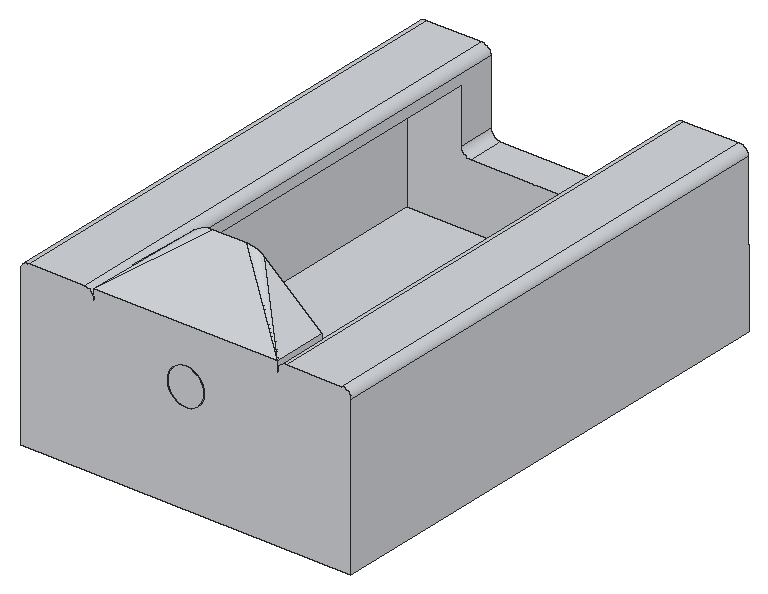
Revit family "35024c050a5d4fd5af5d5af253841eaa", category Plumbing Fixtures, host Face, Revit 2021
Family settings
  Host = Face
  Round Connector Dimension = Use Radius
  Part Type = Normal
  OmniClass Number = 23.45.05.21.11.21
  OmniClass Title = Urinals
  Seek Item ID = Urinal with Wing - Wall Hung-0000-USA-ENU
  Cut with Voids When Loaded = No
  Shared = No
  Room Calculation Point = No
Parameters (values of type "Standard")
  Sanitary Radius = 1"
  Sanitary Diameter = Sanitary Radius * 2  # 2"
  WFU = 4
  Urinal Material = none
  Urinal Height = 2' - 3"
  HWFU = 0
  Flow Pressure [instance] = 15.00 psi
  Default Elevation = 1' - 5"
  Cold Water Radius = 3/8"
  Cold Water Diameter = Cold Water Radius * 2  # 3/4"
  CWFU = 5
Reference planes (in)
  plane 1 "Center (Front/Back)": y = 0
  plane 2 "Center (Elevation)": z = 0
  plane 3 "Center (Left/Right)": x = 0
  plane 4: x = -9
  plane 5: x = 9
  plane 6: y = 24
  plane 7 "2": y = -3
  plane 8: x = -5
  plane 9: x = 5
  plane 10: z = 9
  plane 11: z = 4.5
  plane 12 "1": z = 12
  plane 13: x = 1.5
  plane 14: x = -1.5
  plane 15: y = -2.875
  plane 16: z = 6
  plane 17 "qq": y = 22
  plane 18: z = 4
  plane 19: y = -2.875
  plane 20: x = 8
  plane 21: x = -8
Forms (in)
  Extrusion 1, solid, material <- "Urinal Material"
    sketch origin (0, 0, 0) x (1, 0, 0) y (0, 0, 1)
      loop
        arc (9, 8.5) -> (8.85355, 8.85355) -> (8.5, 9) r 0.5
        line (8.5, 9) -> (5.5, 9)
        arc (5.5, 9) -> (5.14645, 8.85355) -> (5, 8.5) r 0.5
        line (5, 8.5) -> (5, 5)
        arc (5, 5) -> (4.85355, 4.64645) -> (4.5, 4.5) r 0.5
        line (4.5, 4.5) -> (-4.5, 4.5)
        arc (-4.5, 4.5) -> (-4.85355, 4.64645) -> (-5, 5) r 0.5
        line (-5, 5) -> (-5, 8.5)
        arc (-5, 8.5) -> (-5.14645, 8.85355) -> (-5.5, 9) r 0.5
        line (-5.5, 9) -> (-8.5, 9)
        arc (-8.5, 9) -> (-8.85355, 8.85355) -> (-9, 8.5) r 0.5
        line (-9, 8.5) -> (-9, 0) -> (9, 0) -> (9, 8.5)
    from -24 to 3
  Blend 2, solid, material <- "Urinal Material"
    base sketch origin (0, 0, 0) x (1, 0, 0) y (0, 0, 1)
      loop
        line (5, 9) -> (1.9213, 11.63888)
        arc (1.9213, 11.63888) -> (1.46553, 11.90683) -> (0.94511, 12) r 1.5
        line (0.94511, 12) -> (-0.94511, 12)
        arc (-0.94511, 12) -> (-1.46553, 11.90683) -> (-1.9213, 11.63888) r 1.5
        line (-1.9213, 11.63888) -> (-5, 9) -> (-5, 4.5) -> (5, 4.5) -> (5, 9)
    top sketch origin (0, 0, 0) x (1, 0, 0) y (0, 0, 1)
      loop
        line (5, 9) -> (-5, 9) -> (-5, 4.5) -> (5, 4.5) -> (5, 9)
    from 0 to 3
  Blend 3, void
    base sketch origin (0, 0, 0) x (1, 0, 0) y (0, 0, 1)
      loop
        line (5, 8.01219) -> (1.50342, 11.00926)
        arc (1.50342, 11.00926) -> (1.19958, 11.18789) -> (0.85263, 11.25) r 1
        line (0.85263, 11.25) -> (-0.85263, 11.25)
        arc (-0.85263, 11.25) -> (-1.19958, 11.18789) -> (-1.50342, 11.00926) r 1
        line (-1.50342, 11.00926) -> (-5, 8.01219) -> (-5, 4.5) -> (5, 4.5) -> (5, 8.01219)
    top sketch origin (0, 0, 0) x (1, 0, 0) y (0, 0, 1)
      loop
        line (5, 4.5) -> (5, 8.01219) -> (-5, 8.01219) -> (-5, 4.5) -> (5, 4.5)
    from 0 to 2.875
  Extrusion 4, void
    sketch origin (0, 0, 0) x (1, 0, 0) y (0, 0, 1)
      loop
        line (8, 1) -> (8, 8) -> (5, 8) -> (5, 6) -> (-5, 6) -> (-5, 8) -> (-8, 8) -> (-8, 1) -> (8, 1)
    from -22 to 2.875
  Extrusion 5, solid, material <- "Urinal Material"
    sketch origin (0, 0, 0) x (0, 1, 0) y (0, 0, 1)
      loop
        line (-0.43934, 1.43934) -> (-2.43566, 3.43566)
        arc (-2.43566, 3.43566) -> (-2.76082, 3.9223) -> (-2.875, 4.49632) r 1.5
        line (-2.875, 4.49632) -> (-2.875, 6) -> (-3, 6) -> (-3, 0) -> (1.75, 0) -> (1.75, 1) -> (0.62132, 1)
        arc (0.62132, 1) -> (0.0473, 1.11418) -> (-0.43934, 1.43934) r 1.5
    from -8 to 8
  Extrusion 6, void
    sketch origin (0, 0, 0) x (1, 0, 0) y (0, 0, 1)
      loop
        circle (0, 6) r 1
    from 0 to 3
  Extrusion 7, solid, material <- "Urinal Material"
    sketch origin (0, 0, 0) x (1, 0, 0) y (0, 0, 1)
      loop
        circle (0, 6) r 1
    from 2.875 to 3
Cuts and joins
  Blend 3, Extrusion 4, Extrusion 6 cuts Extrusion 1
  Blend 3, Extrusion 6 cuts Blend 2
  Extrusion 6 cuts Extrusion 5
  joined: Extrusion 1, Blend 2, Extrusion 5
Dimensions and locks (in)
  locked: plane 4 to plane 5 at 18
  equal spacing: plane 4, plane 3 "Center (Left/Right)", plane 5
  locked: plane 7 "2" to plane 1 "Center (Front/Back)" at 3
  "Urinal Height": plane 6 to plane 7 "2"
  locked: plane 4 to plane 8 at 4
  locked: plane 9 to plane 5 at 4
  locked: plane 10 to plane 2 "Center (Elevation)" at 9
  locked: plane 2 "Center (Elevation)" to plane 11 at 4.5
  locked: plane 2 "Center (Elevation)" to plane 12 "1" at 12
  equal spacing: plane 14, plane 3 "Center (Left/Right)", plane 13
  locked: plane 14 to plane 13 at 3
  locked: plane 15 to plane 7 "2" at 0.125
  locked: plane 2 "Center (Elevation)" to plane 16 at 6
  locked: plane 6 to plane 17 "qq" at 2
  locked: connector elem to plane 7 "2" at 9
  locked: connector elem to plane 3 "Center (Left/Right)"  (x2)
  locked: connector elem to plane 2 "Center (Elevation)" at 6
  cut or joined group of Extrusion 1, Blend 2, Blend 3, Extrusion 4, Extrusion 5, Extrusion 6 to plane 18 to plane 11 = 0' - 3" locked, 0' - 0 1/2"
  locked: plane 5 to plane 20 at 1
  locked: plane 21 to plane 4 at 1
  radius of Extrusion 1 sketch curve = 0' - 0 1/2"  (x6)
  radius of Blend 2 sketch curve = 0' - 1 1/2"  (x2)
  radius of Blend 3 sketch curve = 0' - 1"  (x2)
  radius of Extrusion 5 sketch curve = 0' - 1 1/2"  (x2)
  "Sanitary Radius": radius of Extrusion 6 sketch curve
  "Sanitary Radius": radius of Extrusion 7 sketch curve
  aligned and locked: plane 2 "Center (Elevation)" to host face
  aligned and locked: level to host face
  aligned and locked: plane 5 to Extrusion 1 sketch curve
  aligned and locked: plane 10 to Extrusion 1 sketch curve  (x2)
  aligned and locked: Extrusion 1 sketch curve to plane 9
  aligned and locked: plane 11 to Extrusion 1 sketch curve
  aligned and locked: plane 8 to Extrusion 1 sketch curve
  aligned and locked: Extrusion 1 sketch curve to plane 4
  aligned and locked: Extrusion 1 sketch curve to plane 2 "Center (Elevation)"
  aligned and locked: Extrusion 1 to plane 7 "2"
  aligned and locked: plane 6 to Extrusion 1
  aligned and locked: plane 9 to Blend 2 sketch curve
  aligned and locked: plane 10 to Blend 2 sketch curve  (x2)
  aligned and locked: plane 8 to Blend 2 sketch curve
  aligned and locked: plane 12 "1" to Blend 2 sketch curve
  aligned and locked: Blend 2 sketch curve to plane 11
  aligned and locked: Blend 2 sketch curve to plane 8
  aligned and locked: Blend 2 sketch curve to var sketch  (x2)
  aligned and locked: Extrusion 1 to Blend 2 sketch curve
  aligned and locked: var sketch to Blend 2 sketch curve
  aligned and locked: Blend 2 to plane 1 "Center (Front/Back)"
  aligned and locked: Blend 2 to plane 7 "2"
  aligned and locked: plane 9 to Blend 3 sketch curve
  aligned and locked: Blend 3 sketch curve to plane 11
  aligned and locked: Blend 3 sketch curve to plane 8
  aligned and locked: Blend 3 sketch curve to Extrusion 1
  aligned and locked: Blend 3 sketch curve to var sketch  (x2)
  aligned and locked: var sketch to Blend 3 sketch curve
  aligned and locked: Extrusion 4 to plane 15
  aligned and locked: plane 17 "qq" to Extrusion 4
  aligned and locked: Extrusion 5 to plane 21
  aligned and locked: plane 20 to Extrusion 5
  aligned and locked: plane 16 to Extrusion 4 sketch curve
  aligned and locked: Extrusion 5 sketch curve to cut or joined group of Extrusion 1, Blend 2, Blend 3, Extrusion 4, Extrusion 5, Extrusion 6  (x2)
  aligned and locked: Extrusion 5 sketch curve to plane 16
  aligned and locked: Extrusion 5 sketch curve to plane 2 "Center (Elevation)"
  aligned and locked: plane 16 to Extrusion 6 sketch curve
  aligned and locked: plane 3 "Center (Left/Right)" to Extrusion 6 sketch curve
  aligned and locked: Extrusion 6 to plane 7 "2"
  aligned and locked: plane 16 to Extrusion 7 sketch curve
  aligned and locked: plane 3 "Center (Left/Right)" to Extrusion 7 sketch curve
  aligned and locked: Extrusion 7 to plane 7 "2"
  aligned and locked: Extrusion 7 to plane 19
Automatic sketch dimensions
  Extrusion 4 sketch curve to plane 8 = 0' - 0"
  Extrusion 4 sketch curve to plane 9 = 0' - 0"
  plane 4 to Extrusion 4 sketch curve = 0' - 1"
  Extrusion 4 sketch curve to plane 5 = 0' - 1"
  level to Extrusion 4 sketch curve = 0' - 1"
  Extrusion 4 sketch curve to plane 10 = 0' - 1"  (x2)
  plane 14 to Blend 2 sketch curve = 0' - 0.4213"
  Blend 2 sketch curve to plane 14 = 0' - 0.55489"
  plane 13 to Blend 2 sketch curve = 0' - 0.55489"
  Blend 2 sketch curve to plane 13 = 0' - 0.4213"
  plane 14 to Blend 3 sketch curve = 0' - 0.00342"
  Blend 3 sketch curve to plane 14 = 0' - 0.64737"
  Blend 3 sketch curve to plane 13 = 0' - 0.00342"
  Blend 3 sketch curve to plane 10 = 0' - 0.98781"  (x2)
  plane 10 to Blend 3 sketch curve = 0' - 1 1/4"
  Blend 3 sketch curve to Blend 3 sketch curve = 0' - 0.24074"
  Extrusion 5 sketch curve to plane 7 "2" = 0' - 0"
  plane 15 to Extrusion 5 sketch curve = 0' - 0.43934"
  Extrusion 5 sketch curve to plane 11 = 0' - 0.00368"
  plane 1 "Center (Front/Back)" to Extrusion 5 sketch curve = 0' - 0.43934"
  Extrusion 5 sketch curve to plane 1 "Center (Front/Back)" = 0' - 0.62132"
  Extrusion 5 sketch curve to Extrusion 5 sketch curve = 0' - 1.12868"
  host sketch curve to host sketch curve = 8' - 0"  (x2)
Connectors (in)
  piping at (0, 6, 0), diameter 0.75, driven by "Cold Water Radius", driven by "CWFU", driven by "Flow Pressure"
    settings: on plane 2 "Center (Elevation)", index 1, connector inside diameter 3/4", connector length 0' - 0", flow factor 0, pipe flow 0 GPM, pressure drop 15.00 psi, fitting loss kfactor 0, connector angle 0.00°, fixture units 5, engagement length 0' - 0", angle of deflection 0.00°, flow configuration 3, flow direction 1, fitting loss method 4, system type 20, joint type 0, gender type 0, connector reference index -1, connector utility 0, adjustable connector no, is connector primary yes, connector description "In"
  piping at (0, -3, 6), diameter 2, driven by "Sanitary Radius", driven by "WFU"
    settings: on plane 7 "2", index 2, connector inside diameter 2", connector length 0' - 0", flow factor 0, pipe flow 0 GPM, pressure drop 0.00 psi, fitting loss kfactor 0, connector angle 0.00°, fixture units 4, engagement length 0' - 0", angle of deflection 0.00°, flow configuration 3, flow direction 2, fitting loss method 0, system type 16, joint type 0, gender type 0, connector reference index -1, connector utility 0, adjustable connector no, is connector primary no, connector description "Out"
